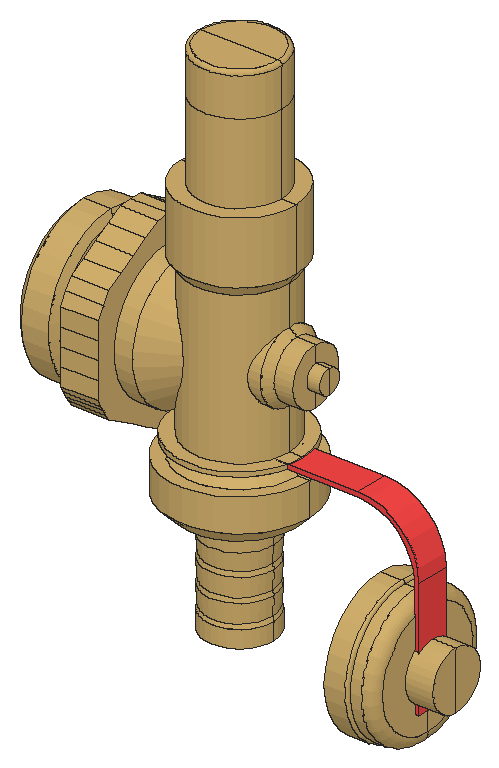
Revit family "_FHF-EA_EM", category Pipe Accessories, Revit 2019
Family settings
  Round Connector Dimension = Use Diameter
  Part Type = Normal
  OmniClass Number = 23.65.55.14.17
  OmniClass Title = Adjusting/Controlling Valves for Liquid Services
  Work Plane-Based = No
  Always vertical = Yes
  Cut with Voids When Loaded = No
  Shared = Yes
Parameters (values of type "FHF-EM_088U0786")
  W = 36 mm
  Valve Body Material = Danfoss Brass
  URL = ""
  Type Comments = ""
  Model Type = "FHF-EM_End section with manual airvent"
  Model = "088U0786"
  Manufacturer = "Danfoss"  # constant formula
  LOD 350 [instance] = not(LOD 200)  # yes
  LOD 200 [instance] = no
  L = 80.487 mm
  IfcExportType = "FHF-EM"
  IfcExportAs = "IfcValveType"  # constant formula
  H2 = 53.8 mm
  H1 = 75.7 mm
  H = H1 + H2  # 129.5 mm
  FHF-EM350 [instance] = if(and([FHF-EM], LOD 350), 1 = 1, 0 = 1)  # yes
  FHF-EM200 [instance] = if(and([FHF-EM], LOD 200), 1 = 1, 0 = 1)  # no
  FHF-EM = yes
  FHF-EA350 [instance] = if(and([FHF-EA], LOD 350), 1 = 1, 0 = 1)  # no
  FHF-EA200 [instance] = if(and([FHF-EA], LOD 200), 1 = 1, 0 = 1)  # no
  FHF-EA = no
  Description = "Accessories for Manifolds"  # constant formula
Types (2, lengths in mm): name | Model Type | Model | IfcExportType | FHF-EM350 | FHF-EM | FHF-EA350 | FHF-EA
  FHF-EM_088U0786 | "FHF-EM_End section with manual airvent" | "088U0786" | "FHF-EM" | yes | yes | no | no
  FHF-EA_088U0785 | "FHF-EA_End section with automatic airvent" | "088U0785" | "FHF-EA" | no | no | yes | yes
Reference planes
  plane 1 "Center (Front/Back)": y = 0
  plane 2: z = 0
  plane 3 "Center (Left/Right)": x = 0
  plane 4: y = -13
  plane 5: y = 13
  plane 6: x = 80.487
  plane 7: z = -53.8
  plane 8: z = 75.7
  plane 9: y = -18
  plane 10: y = 18
Forms (mm)
  Revolve 1, solid, material "Danfoss Brass" <- "Valve Body Material", visible <- "FHF-EA350"
    sketch origin (0, 0, 0) x (1, 0, 0) y (0, 0, 1)
      loop
        line (0, 15.017) -> (0, 0) -> (11.487, 0) -> (11.487, 16.552) -> (10.034, 16.552) -> (7.976, 14.494) -> (7.24, 16.552) -> (1.535, 16.552) -> (0, 15.017)
      axis (0, 0) -> (11.487, 0)
    angle from 0 to 360
  Extrusion 2, solid, material "Danfoss Brass" <- "Valve Body Material", visible <- "FHF-EA350"
    sketch origin (0, 0, 0) x (0, 1, 0) y (0, 0, 1)
      loop
        line (-2.669, 19.821) -> (-5.971, 17.914) -> (-9.25, 16.021) -> (-12.529, 14.128) -> (-15.831, 12.222) -> (-17.321, 10) -> (-18.5, 7.599) -> (-18.5, 3.786) -> (-18.5, 0) -> (-18.5, -3.786) -> (-18.5, -7.599) -> (-17.95, -8.819) -> (-17.321, -10) -> (-16.613, -11.136) -> (-15.831, -12.222) -> (-12.529, -14.129) -> (-9.25, -16.021) -> (-5.971, -17.915) -> (-2.669, -19.821) -> (0, -20) -> (2.669, -19.821) -> (5.971, -17.915) -> (9.25, -16.021) -> (12.529, -14.129) -> (15.831, -12.222) -> (16.613, -11.136) -> (17.321, -10) -> (17.95, -8.819) -> (18.5, -7.599) -> (18.5, -3.786) -> (18.5, 0) -> (18.5, 3.786) -> (18.5, 7.599) -> (17.321, 10) -> (15.831, 12.222) -> (12.529, 14.128) -> (9.25, 16.021) -> (5.971, 17.914) -> (2.669, 19.821) -> (0, 20) -> (-2.669, 19.821)
    from 11.487 to 19.487
  Revolve 3, solid, material "Danfoss Brass" <- "Valve Body Material", visible <- "FHF-EA350"
    sketch origin (0, 0, 0) x (1, 0, 0) y (0, 0, 1)
      loop
        line (34.487, -53.8) -> (34.487, 75.7) -> (20.556, 75.7) -> (19.056, 74.2) -> (19.056, 65.662) -> (15.987, 63.7) -> (15.987, 58.62) -> (16.456, 57.7) -> (17.958, 57.7) -> (19.056, 57.188) -> (19.056, 31.226) -> (22.284, 31.226) -> (22.284, 17.96) -> (23.815, 15.773) -> (23.815, -16.3) -> (20.987, -16.3) -> (20.987, -17.3) -> (23.632, -17.3) -> (23.632, -18.82) -> (22.157, -20.295) -> (19.515, -20.295) -> (19.515, -27.281) -> (22.534, -30.3) -> (26.842, -30.3) -> (27.094, -35.103) -> (27.482, -38.797) -> (27.272, -39.877) -> (27.48, -43.835) -> (27.281, -44.86) -> (27.488, -48.827) -> (27.176, -49.734) -> (27.176, -53.35) -> (28.237, -53.8) -> (34.487, -53.8)
      axis (34.487, -53.8) -> (34.487, 75.7)
    angle from 0 to 360
  Revolve 4, solid, material "Danfoss Brass" <- "Valve Body Material", visible <- "FHF-EA350"
    sketch origin (0, 0, 0) x (1, 0, 0) y (0, 0, 1)
      loop
        line (64.487, -47.3) -> (80.487, -47.3) -> (80.487, -41.136) -> (74.487, -41.136) -> (74.487, -35.323)
        arc (74.487, -35.323) -> (73.748, -33.54) -> (71.965, -32.801) r 2.522
        line (71.965, -32.801) -> (69.494, -32.801)
        arc (69.494, -32.801) -> (69.286, -32.385) -> (68.829, -32.3) r 0.522
        line (68.829, -32.3) -> (64.487, -32.3) -> (64.487, -47.3)
      axis (80.487, -47.3) -> (64.487, -47.3)
    angle from 0 to 360
  Sweep 5, solid, material "Danfoss Plastic Red", visible <- "FHF-EA"
    path origin (0, 0, 0) x (1, 0, 0) y (0, 0, 1)
      loop
        line (45.159, -16.3) -> (62.487, -16.3)
        arc (62.487, -16.3) -> (71.656, -20.098) -> (75.455, -29.268) r 12.968
        line (75.455, -29.268) -> (75.455, -54.268)
    profile origin (53.823, 0, -16.3) x (0, 0, 1) y (0, -1, 0)
      loop
        line (-0.007, 3.534) -> (-1.008, 3.534) -> (-1.008, -3.534) -> (-0.008, -3.534) -> (-0.007, 3.534)
  Revolve 6, solid, material "Danfoss Brass" <- "Valve Body Material", visible <- "FHF-EA350"
    sketch origin (0, 0, 0) x (1, 0, 0) y (0, 0, 1)
      loop
        line (20.056, 69.25) -> (20.056, 75.2) -> (16.149, 75.2) -> (16.149, 73.854) -> (15.326, 73.854) -> (15.326, 75.761) -> (6.174, 75.761) -> (6.174, 69.25) -> (20.056, 69.25)
      axis (20.056, 69.25) -> (6.174, 69.25)
    angle from 0 to 360
  Revolve 7, solid, material "Danfoss Brass" <- "Valve Body Material", visible <- "FHF-EA350"
    sketch origin (0, 0, 0) x (1, 0, 0) y (0, 0, 1)
      loop
        line (53.596, 0) -> (53.596, 2.5) -> (50.687, 2.5) -> (50.687, 6) -> (46.587, 6) -> (45.057, 7.53) -> (33.415, 7.53) -> (23.598, 14.662) -> (19.487, 14.662) -> (19.487, 0) -> (53.596, 0)
      axis (19.487, 0) -> (53.596, 0)
    angle from 0 to 360
  Revolve 8, solid, material "Danfoss Brass" <- "Valve Body Material", visible <- "FHF-EM350"
    sketch origin (0, 0, 0) x (1, 0, 0) y (0, 0, 1)
      loop
        line (0, 15.017) -> (0, 0) -> (11.487, 0) -> (11.487, 16.552) -> (10.034, 16.552) -> (7.976, 14.494) -> (7.24, 16.552) -> (1.535, 16.552) -> (0, 15.017)
      axis (0, 0) -> (11.487, 0)
    angle from 0 to 360
  Extrusion 9, solid, material "Danfoss Brass" <- "Valve Body Material", visible <- "FHF-EM350"
    sketch origin (0, 0, 0) x (0, 1, 0) y (0, 0, 1)
      loop
        line (-2.669, 19.821) -> (-5.971, 17.914) -> (-9.25, 16.021) -> (-12.529, 14.128) -> (-15.831, 12.222) -> (-17.321, 10) -> (-18.5, 7.599) -> (-18.5, 3.786) -> (-18.5, 0) -> (-18.5, -3.786) -> (-18.5, -7.599) -> (-17.95, -8.819) -> (-17.321, -10) -> (-16.613, -11.136) -> (-15.831, -12.222) -> (-12.529, -14.129) -> (-9.25, -16.021) -> (-5.971, -17.915) -> (-2.669, -19.821) -> (0, -20) -> (2.669, -19.821) -> (5.971, -17.915) -> (9.25, -16.021) -> (12.529, -14.129) -> (15.831, -12.222) -> (16.613, -11.136) -> (17.321, -10) -> (17.95, -8.819) -> (18.5, -7.599) -> (18.5, -3.786) -> (18.5, 0) -> (18.5, 3.786) -> (18.5, 7.599) -> (17.321, 10) -> (15.831, 12.222) -> (12.529, 14.128) -> (9.25, 16.021) -> (5.971, 17.914) -> (2.669, 19.821) -> (0, 20) -> (-2.669, 19.821)
    from 11.487 to 19.487
  Revolve 10, solid, material "Danfoss Brass" <- "Valve Body Material", visible <- "FHF-EM350"
    sketch origin (0, 0, 0) x (1, 0, 0) y (0, 0, 1)
      loop
        line (64.487, -47.3) -> (80.487, -47.3) -> (80.487, -41.136) -> (74.487, -41.136) -> (74.487, -35.323)
        arc (74.487, -35.323) -> (73.748, -33.54) -> (71.965, -32.801) r 2.522
        line (71.965, -32.801) -> (69.494, -32.801)
        arc (69.494, -32.801) -> (69.286, -32.385) -> (68.829, -32.3) r 0.522
        line (68.829, -32.3) -> (64.487, -32.3) -> (64.487, -47.3)
      axis (80.487, -47.3) -> (64.487, -47.3)
    angle from 0 to 360
  Revolve 11, solid, material "Danfoss Brass" <- "Valve Body Material", visible <- "FHF-EM350"
    sketch origin (0, 0, 0) x (1, 0, 0) y (0, 0, 1)
      loop
        line (53.596, 0) -> (53.596, 2.5) -> (50.687, 2.5) -> (50.687, 6) -> (46.587, 6) -> (45.057, 7.53) -> (33.415, 7.53) -> (23.598, 14.662) -> (19.487, 14.662) -> (19.487, 0) -> (53.596, 0)
      axis (19.487, 0) -> (53.596, 0)
    angle from 0 to 360
  Revolve 12, solid, material "Danfoss Brass" <- "Valve Body Material", visible <- "FHF-EA200"
    sketch origin (0, 0, 0) x (1, 0, 0) y (0, 0, 1)
      loop
        line (0, 0) -> (34.041, 0)
        arc (34.041, 0) -> (30.207, 11.138) -> (19.487, 16.021) r 14.916
        line (19.487, 16.021) -> (0, 16.021) -> (0, 0)
      axis (0, 0) -> (34.041, 0)
    angle from 0 to 360
  Revolve 13, solid, material "Danfoss Brass" <- "Valve Body Material", visible <- "FHF-EA200"
    sketch origin (0, 0, 0) x (1, 0, 0) y (0, 0, 1)
      loop
        line (34.458, 75.7) -> (18.583, 75.7) -> (18.583, 31.222) -> (22.397, 31.222) -> (22.397, 29.7) -> (22.397, -20.3) -> (19.532, -20.3) -> (19.532, -30.3) -> (26.815, -30.3) -> (26.815, -53.8) -> (34.458, -53.8) -> (34.458, 75.7)
      axis (34.458, -53.8) -> (34.458, 75.7)
    angle from 0 to 360
  Revolve 14, solid, material "Danfoss Brass" <- "Valve Body Material", visible <- "FHF-EA200"
    sketch origin (0, 0, 0) x (1, 0, 0) y (0, 0, 1)
      loop
        line (64.487, -47.3) -> (80.487, -47.3) -> (80.487, -41.045) -> (74.447, -41.045) -> (74.447, -32.3) -> (64.487, -32.3) -> (64.487, -47.3)
      axis (80.487, -47.3) -> (64.487, -47.3)
    angle from 0 to 360
  Revolve 15, solid, material "Danfoss Brass" <- "Valve Body Material", visible <- "FHF-EM350"
    sketch origin (0, 0, 0) x (1, 0, 0) y (0, 0, 1)
      loop
        line (34.487, -53.8) -> (34.487, 57.24) -> (26.313, 57.24)
        arc (26.313, 57.24) -> (25.748, 57.006) -> (25.513, 56.44) r 0.8
        line (25.513, 56.44) -> (25.513, 48.2) -> (25.513, 31.226) -> (22.284, 31.226) -> (22.284, 17.96) -> (23.815, 15.773) -> (23.815, -16.3) -> (20.987, -16.3) -> (20.987, -17.3) -> (23.632, -17.3) -> (23.632, -18.82) -> (22.157, -20.295) -> (19.515, -20.295) -> (19.515, -27.281) -> (22.534, -30.3) -> (26.842, -30.3) -> (27.094, -35.103) -> (27.482, -38.797) -> (27.272, -39.877) -> (27.48, -43.835) -> (27.281, -44.86) -> (27.488, -48.827) -> (27.176, -49.734) -> (27.176, -53.35) -> (28.237, -53.8) -> (34.487, -53.8)
      axis (34.487, -53.8) -> (34.487, 57.24)
    angle from 0 to 360
  Sweep 16, solid, material "Danfoss Plastic Red", visible <- "FHF-EM"
    path origin (0, 0, 0) x (1, 0, 0) y (0, 0, 1)
      loop
        line (45.159, -16.3) -> (62.487, -16.3)
        arc (62.487, -16.3) -> (71.656, -20.098) -> (75.455, -29.268) r 12.968
        line (75.455, -29.268) -> (75.455, -54.268)
    profile origin (53.823, 0, -16.3) x (0, 0, 1) y (0, -1, 0)
      loop
        line (-0.007, 3.534) -> (-1.008, 3.534) -> (-1.008, -3.534) -> (-0.008, -3.534) -> (-0.007, 3.534)
  Revolve 17, solid, material "Danfoss Brass" <- "Valve Body Material", visible <- "FHF-EM200"
    sketch origin (0, 0, 0) x (1, 0, 0) y (0, 0, 1)
      loop
        line (0, 0) -> (34.041, 0)
        arc (34.041, 0) -> (30.207, 11.138) -> (19.487, 16.021) r 14.916
        line (19.487, 16.021) -> (0, 16.021) -> (0, 0)
      axis (0, 0) -> (34.041, 0)
    angle from 0 to 360
  Revolve 18, solid, material "Danfoss Brass" <- "Valve Body Material", visible <- "FHF-EA200"
    sketch origin (0, 0, 0) x (1, 0, 0) y (0, 0, 1)
      loop
        line (34.458, 75.7) -> (18.583, 75.7) -> (18.583, 31.222) -> (22.397, 31.222) -> (22.397, 29.7) -> (22.397, -20.3) -> (19.532, -20.3) -> (19.532, -30.3) -> (26.815, -30.3) -> (26.815, -53.8) -> (34.458, -53.8) -> (34.458, 75.7)
      axis (34.458, -53.8) -> (34.458, 75.7)
    angle from 0 to 360
  Revolve 19, solid, material "Danfoss Brass" <- "Valve Body Material", visible <- "FHF-EM200"
    sketch origin (0, 0, 0) x (1, 0, 0) y (0, 0, 1)
      loop
        line (64.487, -47.3) -> (80.487, -47.3) -> (80.487, -41.045) -> (74.447, -41.045) -> (74.447, -32.3) -> (64.487, -32.3) -> (64.487, -47.3)
      axis (80.487, -47.3) -> (64.487, -47.3)
    angle from 0 to 360
  Revolve 20, solid, material "Danfoss Brass" <- "Valve Body Material", visible <- "FHF-EM200"
    sketch origin (0, 0, 0) x (1, 0, 0) y (0, 0, 1)
      loop
        line (34.458, 57.24) -> (22.397, 57.24) -> (22.397, -20.3) -> (19.532, -20.3) -> (19.532, -30.3) -> (26.815, -30.3) -> (26.815, -53.8) -> (34.458, -53.8) -> (34.458, 57.24)
      axis (34.458, -53.8) -> (34.458, 57.24)
    angle from 0 to 360
Dimensions and locks
  "L": plane 6 to plane 3 "Center (Left/Right)"
  "H1": plane 8 to level
  "H2": level to plane 7
  equal spacing: plane 9, plane 1 "Center (Front/Back)", plane 10
  "W": plane 9 to plane 10
  aligned and locked: level to plane 2
Automatic sketch dimensions
  Revolve 1 sketch curve to level = 0 mm  (x2)
  Revolve 1 sketch curve to plane 3 "Center (Left/Right)" = 0 mm  (x2)
  plane 3 "Center (Left/Right)" to Revolve 1 sketch curve = 7.24 mm
  Revolve 1 sketch curve to Revolve 1 sketch curve = 0.736 mm
  Revolve 1 sketch curve to Revolve 1 sketch curve = 2.794 mm
  Revolve 1 sketch curve to Revolve 1 sketch curve = 1.453 mm
  level to Revolve 1 sketch curve = 14.494 mm
  Revolve 1 sketch curve to Revolve 1 sketch curve = 2.058 mm  (x2)
  plane 3 "Center (Left/Right)" to Revolve 1 sketch curve = 1.535 mm
  Revolve 1 sketch curve to Revolve 1 sketch curve = 0 mm
  Revolve 1 sketch curve to Revolve 1 sketch curve = 1.535 mm
  Extrusion 2 sketch curve to level = 0 mm  (x2)
  Extrusion 2 sketch curve to plane 1 "Center (Front/Back)" = 0 mm  (x2)
  plane 1 "Center (Front/Back)" to Extrusion 2 sketch curve = 2.669 mm  (x2)
  Extrusion 2 sketch curve to Extrusion 2 sketch curve = 3.302 mm  (x2)
  Extrusion 2 sketch curve to plane 4 = 3.75 mm  (x2)
  plane 4 to Extrusion 2 sketch curve = 2.831 mm  (x2)
  Extrusion 2 sketch curve to Extrusion 2 sketch curve = 0.782 mm  (x2)
  Extrusion 2 sketch curve to Extrusion 2 sketch curve = 0.707 mm  (x2)
  Extrusion 2 sketch curve to Extrusion 2 sketch curve = 1.489 mm  (x2)
  Extrusion 2 sketch curve to Extrusion 2 sketch curve = 0.63 mm  (x2)
  plane 4 to Extrusion 2 sketch curve = 5.5 mm
  Extrusion 2 sketch curve to plane 1 "Center (Front/Back)" = 2.669 mm  (x2)
  plane 5 to Extrusion 2 sketch curve = 3.75 mm  (x2)
  Extrusion 2 sketch curve to plane 5 = 2.831 mm  (x2)
  Extrusion 2 sketch curve to plane 5 = 5.5 mm
  Extrusion 2 sketch curve to Extrusion 2 sketch curve = 3.786 mm  (x2)
  Extrusion 2 sketch curve to Extrusion 2 sketch curve = 3.813 mm  (x2)
  Extrusion 2 sketch curve to Extrusion 2 sketch curve = 1.22 mm  (x2)
  Extrusion 2 sketch curve to Extrusion 2 sketch curve = 1.181 mm  (x2)
  Extrusion 2 sketch curve to Extrusion 2 sketch curve = 1.136 mm  (x2)
  Extrusion 2 sketch curve to Extrusion 2 sketch curve = 1.086 mm  (x2)
  Extrusion 2 sketch curve to Extrusion 2 sketch curve = 3.8 mm  (x4)
  Extrusion 2 sketch curve to Extrusion 2 sketch curve = 1.893 mm  (x7)
  Extrusion 2 sketch curve to Extrusion 2 sketch curve = 5.693 mm
  Extrusion 2 sketch curve to Extrusion 2 sketch curve = 1.907 mm  (x3)
  Extrusion 2 sketch curve to Extrusion 2 sketch curve = 0.179 mm  (x2)
  level to Extrusion 2 sketch curve = 3.786 mm  (x2)
  Extrusion 2 sketch curve to Extrusion 2 sketch curve = 3.814 mm  (x2)
  Extrusion 2 sketch curve to Extrusion 2 sketch curve = 2.401 mm  (x2)
  Extrusion 2 sketch curve to Extrusion 2 sketch curve = 2.222 mm  (x2)
  Extrusion 2 sketch curve to Extrusion 2 sketch curve = 0 mm  (x15)
  Extrusion 2 sketch curve to Extrusion 2 sketch curve = 3.279 mm  (x2)
  Extrusion 2 sketch curve to plane 4 = 0.471 mm  (x2)
  plane 5 to Extrusion 2 sketch curve = 0.471 mm  (x2)
  plane 3 "Center (Left/Right)" to Revolve 3 sketch curve = 15.987 mm
  Revolve 3 sketch curve to Revolve 3 sketch curve = 0.47 mm
  Revolve 3 sketch curve to Revolve 3 sketch curve = 1.502 mm
  Revolve 3 sketch curve to Revolve 3 sketch curve = 3.069 mm
  plane 3 "Center (Left/Right)" to Revolve 3 sketch curve = 19.056 mm
  plane 3 "Center (Left/Right)" to Revolve 3 sketch curve = 19.515 mm
  Revolve 3 sketch curve to Revolve 3 sketch curve = 1.472 mm
  Revolve 3 sketch curve to Revolve 3 sketch curve = 3.228 mm
  Revolve 3 sketch curve to Revolve 3 sketch curve = 2.642 mm
  Revolve 3 sketch curve to Revolve 3 sketch curve = 3.019 mm  (x2)
  Revolve 3 sketch curve to Revolve 3 sketch curve = 1.475 mm  (x2)
  Revolve 3 sketch curve to Revolve 3 sketch curve = 1.531 mm
  Revolve 3 sketch curve to Revolve 3 sketch curve = 4.308 mm
  Revolve 3 sketch curve to Revolve 3 sketch curve = 0.252 mm
  Revolve 3 sketch curve to Revolve 3 sketch curve = 0.082 mm
  Revolve 3 sketch curve to Revolve 3 sketch curve = 0.178 mm
  Revolve 3 sketch curve to Revolve 3 sketch curve = 0.105 mm
  Revolve 3 sketch curve to Revolve 3 sketch curve = 0.199 mm
  Revolve 3 sketch curve to Revolve 3 sketch curve = 0.21 mm
  Revolve 3 sketch curve to Revolve 3 sketch curve = 0.313 mm
  Revolve 3 sketch curve to Revolve 3 sketch curve = 1.061 mm
  Revolve 3 sketch curve to Revolve 3 sketch curve = 3.958 mm
  Revolve 3 sketch curve to Revolve 3 sketch curve = 1.08 mm
  Revolve 3 sketch curve to Revolve 3 sketch curve = 3.695 mm
  Revolve 3 sketch curve to Revolve 3 sketch curve = 4.803 mm
  Revolve 3 sketch curve to Revolve 3 sketch curve = 1.52 mm
  Revolve 3 sketch curve to Revolve 3 sketch curve = 1 mm
  level to Revolve 3 sketch curve = 15.773 mm
  Revolve 3 sketch curve to Revolve 3 sketch curve = 17.012 mm
  Revolve 3 sketch curve to Revolve 3 sketch curve = 0.512 mm
  Revolve 3 sketch curve to Revolve 3 sketch curve = 0.919 mm
  Revolve 3 sketch curve to Revolve 3 sketch curve = 5.08 mm
  Revolve 3 sketch curve to Revolve 3 sketch curve = 1.962 mm
  Revolve 3 sketch curve to Revolve 3 sketch curve = 6.25 mm
  Revolve 3 sketch curve to Revolve 3 sketch curve = 0 mm  (x2)
  Revolve 3 sketch curve to Revolve 3 sketch curve = 0.007 mm
  plane 6 to Revolve 4 sketch curve = 0 mm  (x2)
  Revolve 4 sketch curve to plane 6 = 6 mm
  Revolve 4 sketch curve to Revolve 4 sketch curve = 2.522 mm
  Revolve 4 sketch curve to Revolve 4 sketch curve = 2.471 mm
  Revolve 4 sketch curve to Revolve 4 sketch curve = 0.522 mm
  Revolve 4 sketch curve to Revolve 4 sketch curve = 0.143 mm
  Revolve 4 sketch curve to Revolve 4 sketch curve = 6.164 mm
  Revolve 4 sketch curve to Revolve 4 sketch curve = 5.813 mm
  Revolve 4 sketch curve to Revolve 4 sketch curve = 0.001 mm
  Revolve 4 sketch curve to Revolve 4 sketch curve = 10 mm
  Revolve 4 sketch curve to Revolve 4 sketch curve = 0 mm  (x2)
  Sweep 5 sketch curve to plane 6 = 18 mm
  Sweep 5 sketch curve to Sweep 5 sketch curve = 12.968 mm
  Sweep 5 sketch curve to Sweep 5 sketch curve = 17.328 mm
  profile plane to Sweep 5 sketch curve = 1.008 mm
  profile plane to Sweep 5 sketch curve = 0.008 mm
  Sweep 5 sketch curve to Sweep 5 sketch curve = 1.001 mm
  Sweep 5 sketch curve to plane 1 "Center (Front/Back)" = 3.534 mm
  plane 1 "Center (Front/Back)" to Sweep 5 sketch curve = 3.534 mm
  Sweep 5 sketch curve to Sweep 5 sketch curve = 1 mm
  plane 3 "Center (Left/Right)" to Revolve 6 sketch curve = 6.174 mm
  Revolve 6 sketch curve to Revolve 6 sketch curve = 9.151 mm
  Revolve 6 sketch curve to Revolve 6 sketch curve = 0.823 mm
  Revolve 6 sketch curve to Revolve 6 sketch curve = 0 mm  (x2)
  Revolve 6 sketch curve to Revolve 6 sketch curve = 3.908 mm
  Revolve 6 sketch curve to Revolve 6 sketch curve = 0.141 mm
  Revolve 7 sketch curve to level = 0 mm  (x2)
  plane 3 "Center (Left/Right)" to Revolve 7 sketch curve = 19.487 mm
  Revolve 7 sketch curve to Revolve 7 sketch curve = 4.111 mm
  Revolve 7 sketch curve to Revolve 7 sketch curve = 9.817 mm
  Revolve 7 sketch curve to Revolve 7 sketch curve = 11.642 mm
  Revolve 7 sketch curve to Revolve 7 sketch curve = 1.53 mm
  Revolve 7 sketch curve to Revolve 7 sketch curve = 4.1 mm
  Revolve 7 sketch curve to Revolve 7 sketch curve = 2.909 mm
  level to Revolve 7 sketch curve = 2.5 mm
  Revolve 7 sketch curve to Revolve 7 sketch curve = 3.5 mm
  level to Revolve 7 sketch curve = 7.53 mm
  Revolve 7 sketch curve to Revolve 7 sketch curve = 7.132 mm
  Revolve 7 sketch curve to Revolve 7 sketch curve = 0 mm  (x2)
  Revolve 8 sketch curve to level = 0 mm  (x2)
  Revolve 8 sketch curve to plane 3 "Center (Left/Right)" = 0 mm  (x2)
  plane 3 "Center (Left/Right)" to Revolve 8 sketch curve = 1.535 mm
  Revolve 8 sketch curve to Revolve 8 sketch curve = 5.705 mm
  Revolve 8 sketch curve to Revolve 8 sketch curve = 0.736 mm
  Revolve 8 sketch curve to Revolve 8 sketch curve = 2.794 mm
  Revolve 8 sketch curve to Revolve 8 sketch curve = 1.453 mm
  level to Revolve 8 sketch curve = 14.494 mm
  Revolve 8 sketch curve to Revolve 8 sketch curve = 0.523 mm
  Revolve 8 sketch curve to Revolve 8 sketch curve = 2.058 mm  (x2)
  Revolve 8 sketch curve to Revolve 8 sketch curve = 0 mm
  Extrusion 9 sketch curve to level = 0 mm  (x2)
  Extrusion 9 sketch curve to plane 1 "Center (Front/Back)" = 0 mm  (x2)
  plane 1 "Center (Front/Back)" to Extrusion 9 sketch curve = 2.669 mm  (x2)
  Extrusion 9 sketch curve to Extrusion 9 sketch curve = 3.302 mm  (x2)
  Extrusion 9 sketch curve to plane 4 = 3.75 mm  (x2)
  plane 4 to Extrusion 9 sketch curve = 2.831 mm  (x2)
  Extrusion 9 sketch curve to Extrusion 9 sketch curve = 0.782 mm  (x2)
  Extrusion 9 sketch curve to Extrusion 9 sketch curve = 0.707 mm  (x2)
  Extrusion 9 sketch curve to Extrusion 9 sketch curve = 1.489 mm  (x2)
  Extrusion 9 sketch curve to Extrusion 9 sketch curve = 0.63 mm  (x2)
  plane 4 to Extrusion 9 sketch curve = 5.5 mm
  Extrusion 9 sketch curve to plane 1 "Center (Front/Back)" = 2.669 mm  (x2)
  plane 5 to Extrusion 9 sketch curve = 3.75 mm  (x2)
  Extrusion 9 sketch curve to plane 5 = 2.831 mm  (x2)
  Extrusion 9 sketch curve to plane 5 = 5.5 mm
  Extrusion 9 sketch curve to Extrusion 9 sketch curve = 3.786 mm  (x2)
  Extrusion 9 sketch curve to Extrusion 9 sketch curve = 3.813 mm  (x2)
  Extrusion 9 sketch curve to Extrusion 9 sketch curve = 1.22 mm  (x2)
  Extrusion 9 sketch curve to Extrusion 9 sketch curve = 1.181 mm  (x2)
  Extrusion 9 sketch curve to Extrusion 9 sketch curve = 1.136 mm  (x2)
  Extrusion 9 sketch curve to Extrusion 9 sketch curve = 1.086 mm  (x2)
  Extrusion 9 sketch curve to Extrusion 9 sketch curve = 3.8 mm  (x4)
  Extrusion 9 sketch curve to Extrusion 9 sketch curve = 1.893 mm  (x7)
  Extrusion 9 sketch curve to Extrusion 9 sketch curve = 5.693 mm
  Extrusion 9 sketch curve to Extrusion 9 sketch curve = 1.907 mm  (x3)
  Extrusion 9 sketch curve to Extrusion 9 sketch curve = 0.179 mm  (x2)
  level to Extrusion 9 sketch curve = 3.786 mm  (x2)
  Extrusion 9 sketch curve to Extrusion 9 sketch curve = 3.814 mm  (x2)
  Extrusion 9 sketch curve to Extrusion 9 sketch curve = 2.401 mm  (x2)
  Extrusion 9 sketch curve to Extrusion 9 sketch curve = 2.222 mm  (x2)
  Extrusion 9 sketch curve to Extrusion 9 sketch curve = 0 mm  (x15)
  Extrusion 9 sketch curve to Extrusion 9 sketch curve = 3.279 mm  (x2)
  Extrusion 9 sketch curve to plane 4 = 0.471 mm  (x2)
  plane 5 to Extrusion 9 sketch curve = 0.471 mm  (x2)
  plane 6 to Revolve 10 sketch curve = 0 mm  (x2)
  Revolve 10 sketch curve to plane 6 = 6 mm
  Revolve 10 sketch curve to Revolve 10 sketch curve = 2.522 mm
  Revolve 10 sketch curve to Revolve 10 sketch curve = 2.471 mm
  Revolve 10 sketch curve to Revolve 10 sketch curve = 0.522 mm
  Revolve 10 sketch curve to Revolve 10 sketch curve = 0.143 mm
  Revolve 10 sketch curve to Revolve 10 sketch curve = 10 mm
  Revolve 10 sketch curve to Revolve 10 sketch curve = 6.164 mm
  Revolve 10 sketch curve to Revolve 10 sketch curve = 5.813 mm
  Revolve 10 sketch curve to Revolve 10 sketch curve = 0.001 mm
  Revolve 10 sketch curve to Revolve 10 sketch curve = 0 mm  (x2)
  Revolve 11 sketch curve to level = 0 mm  (x2)
  plane 3 "Center (Left/Right)" to Revolve 11 sketch curve = 19.487 mm
  Revolve 11 sketch curve to Revolve 11 sketch curve = 4.111 mm
  Revolve 11 sketch curve to Revolve 11 sketch curve = 9.817 mm
  Revolve 11 sketch curve to Revolve 11 sketch curve = 11.642 mm
  Revolve 11 sketch curve to Revolve 11 sketch curve = 1.53 mm
  Revolve 11 sketch curve to Revolve 11 sketch curve = 4.1 mm
  Revolve 11 sketch curve to Revolve 11 sketch curve = 2.909 mm
  level to Revolve 11 sketch curve = 2.5 mm
  Revolve 11 sketch curve to Revolve 11 sketch curve = 3.5 mm
  level to Revolve 11 sketch curve = 7.53 mm
  Revolve 11 sketch curve to Revolve 11 sketch curve = 7.132 mm
  Revolve 11 sketch curve to Revolve 11 sketch curve = 0 mm  (x2)
  Revolve 12 sketch curve to level = 0 mm  (x2)
  Revolve 12 sketch curve to plane 3 "Center (Left/Right)" = 0 mm  (x2)
  level to Revolve 12 sketch curve = 1.109 mm
  plane 3 "Center (Left/Right)" to Revolve 12 sketch curve = 19.166 mm
  Revolve 12 sketch curve to Revolve 12 sketch curve = 0.32 mm
  Revolve 12 sketch curve to Revolve 12 sketch curve = 14.874 mm
  Revolve 12 sketch curve to Revolve 12 sketch curve = 0 mm
  plane 3 "Center (Left/Right)" to Revolve 13 sketch curve = 18.583 mm
  plane 3 "Center (Left/Right)" to Revolve 13 sketch curve = 19.532 mm
  Revolve 13 sketch curve to Revolve 13 sketch curve = 3.814 mm
  Revolve 13 sketch curve to Revolve 13 sketch curve = 7.283 mm
  Revolve 13 sketch curve to Revolve 13 sketch curve = 7.643 mm
  Revolve 13 sketch curve to Revolve 13 sketch curve = 10 mm
  level to Revolve 13 sketch curve = 29.7 mm
  Revolve 13 sketch curve to Revolve 13 sketch curve = 1.522 mm
  Revolve 13 sketch curve to Revolve 13 sketch curve = 0 mm  (x3)
  plane 6 to Revolve 14 sketch curve = 0 mm  (x2)
  Revolve 14 sketch curve to plane 6 = 6.04 mm
  Revolve 14 sketch curve to Revolve 14 sketch curve = 9.96 mm
  Revolve 14 sketch curve to Revolve 14 sketch curve = 8.745 mm
  Revolve 14 sketch curve to Revolve 14 sketch curve = 0 mm  (x2)
  Sweep 16 sketch curve to plane 6 = 18 mm
  Sweep 16 sketch curve to plane 6 = 5.032 mm
  Sweep 16 sketch curve to Sweep 16 sketch curve = 17.328 mm
  profile plane to Sweep 16 sketch curve = 1.008 mm  (x2)
  profile plane to Sweep 16 sketch curve = 0.008 mm
  profile plane to Sweep 16 sketch curve = 0.007 mm
  Sweep 16 sketch curve to plane 1 "Center (Front/Back)" = 3.534 mm
  plane 1 "Center (Front/Back)" to Sweep 16 sketch curve = 3.534 mm
  Revolve 17 sketch curve to level = 0 mm  (x2)
  Revolve 17 sketch curve to plane 3 "Center (Left/Right)" = 0 mm  (x2)
  level to Revolve 17 sketch curve = 1.109 mm
  plane 3 "Center (Left/Right)" to Revolve 17 sketch curve = 19.166 mm
  Revolve 17 sketch curve to Revolve 17 sketch curve = 0.32 mm
  Revolve 17 sketch curve to Revolve 17 sketch curve = 14.874 mm
  Revolve 17 sketch curve to Revolve 17 sketch curve = 0 mm
  plane 3 "Center (Left/Right)" to Revolve 18 sketch curve = 18.583 mm
  plane 3 "Center (Left/Right)" to Revolve 18 sketch curve = 19.532 mm
  Revolve 18 sketch curve to Revolve 18 sketch curve = 3.814 mm
  Revolve 18 sketch curve to Revolve 18 sketch curve = 7.283 mm
  Revolve 18 sketch curve to Revolve 18 sketch curve = 7.643 mm
  Revolve 18 sketch curve to Revolve 18 sketch curve = 10 mm
  level to Revolve 18 sketch curve = 29.7 mm
  Revolve 18 sketch curve to Revolve 18 sketch curve = 1.522 mm
  Revolve 18 sketch curve to Revolve 18 sketch curve = 0 mm  (x3)
  plane 6 to Revolve 19 sketch curve = 0 mm  (x2)
  Revolve 19 sketch curve to plane 6 = 6.04 mm
  Revolve 19 sketch curve to Revolve 19 sketch curve = 9.96 mm
  Revolve 19 sketch curve to Revolve 19 sketch curve = 6.255 mm
  Revolve 19 sketch curve to Revolve 19 sketch curve = 8.745 mm
  Revolve 19 sketch curve to Revolve 19 sketch curve = 0 mm  (x2)
  plane 3 "Center (Left/Right)" to Revolve 20 sketch curve = 19.532 mm
  Revolve 20 sketch curve to Revolve 20 sketch curve = 2.865 mm
  Revolve 20 sketch curve to Revolve 20 sketch curve = 7.283 mm
  Revolve 20 sketch curve to Revolve 20 sketch curve = 7.643 mm
  Revolve 20 sketch curve to Revolve 20 sketch curve = 10 mm
  Revolve 20 sketch curve to Revolve 20 sketch curve = 0 mm  (x3)
  Revolve 3 sketch curve to Revolve 3 sketch curve = 1.5 mm  (x2)
  level to Revolve 6 sketch curve = 69.25 mm
  Revolve 6 sketch curve to Revolve 6 sketch curve = 4.604 mm
  Revolve 6 sketch curve to Revolve 6 sketch curve = 1.346 mm
  Revolve 6 sketch curve to Revolve 6 sketch curve = 0.561 mm
  Revolve 13 sketch curve to Revolve 13 sketch curve = 44.478 mm
  Revolve 18 sketch curve to Revolve 18 sketch curve = 44.478 mm
  level to Revolve 20 sketch curve = 57.24 mm
  Revolve 3 sketch curve to level = 16.3 mm
  Revolve 3 sketch curve to Revolve 3 sketch curve = 1.025 mm
  Revolve 3 sketch curve to Revolve 3 sketch curve = 3.967 mm
  Revolve 3 sketch curve to Revolve 3 sketch curve = 0.908 mm
  Revolve 3 sketch curve to Revolve 3 sketch curve = 3.615 mm
  Revolve 3 sketch curve to Revolve 3 sketch curve = 0.45 mm
  Revolve 4 sketch curve to level = 47.3 mm
  Sweep 5 sketch curve to level = 29.268 mm
  Sweep 5 sketch curve to Sweep 5 sketch curve = 25 mm
  Revolve 10 sketch curve to level = 47.3 mm
  Revolve 13 sketch curve to level = 20.3 mm
  Revolve 13 sketch curve to Revolve 13 sketch curve = 23.5 mm
  Revolve 14 sketch curve to level = 47.3 mm
  Revolve 14 sketch curve to Revolve 14 sketch curve = 6.255 mm
  Sweep 16 sketch curve to level = 29.268 mm
  Sweep 16 sketch curve to Sweep 16 sketch curve = 25 mm
  Revolve 18 sketch curve to level = 20.3 mm
  Revolve 18 sketch curve to Revolve 18 sketch curve = 23.5 mm
  Revolve 19 sketch curve to level = 47.3 mm
  Revolve 20 sketch curve to level = 20.3 mm
  Revolve 20 sketch curve to Revolve 20 sketch curve = 23.5 mm
  Revolve 3 sketch curve to plane 8 = 0 mm
  Revolve 3 sketch curve to Revolve 3 sketch curve = 2.187 mm
  Revolve 3 sketch curve to Revolve 3 sketch curve = 13.266 mm
  Revolve 3 sketch curve to plane 7 = 0 mm
  Revolve 15 sketch curve to plane 7 = 0 mm  (x2)
  plane 3 "Center (Left/Right)" to Revolve 15 sketch curve = 19.515 mm
  Revolve 15 sketch curve to Revolve 15 sketch curve = 1.472 mm
  plane 3 "Center (Left/Right)" to Revolve 15 sketch curve = 22.284 mm
  Revolve 15 sketch curve to Revolve 15 sketch curve = 2.642 mm
  Revolve 15 sketch curve to Revolve 15 sketch curve = 3.019 mm  (x2)
  Revolve 15 sketch curve to Revolve 15 sketch curve = 2.645 mm
  Revolve 15 sketch curve to Revolve 15 sketch curve = 1.531 mm
  Revolve 15 sketch curve to Revolve 15 sketch curve = 3.229 mm
  Revolve 15 sketch curve to Revolve 15 sketch curve = 0.8 mm
  Revolve 15 sketch curve to Revolve 15 sketch curve = 4.308 mm
  Revolve 15 sketch curve to Revolve 15 sketch curve = 0.252 mm
  plane 7 to Revolve 15 sketch curve = 0.45 mm
  Revolve 15 sketch curve to Revolve 15 sketch curve = 0.082 mm
  Revolve 15 sketch curve to Revolve 15 sketch curve = 0.178 mm
  plane 7 to Revolve 15 sketch curve = 8.94 mm
  Revolve 15 sketch curve to Revolve 15 sketch curve = 0.105 mm
  plane 7 to Revolve 15 sketch curve = 9.965 mm
  Revolve 15 sketch curve to Revolve 15 sketch curve = 0.199 mm
  Revolve 15 sketch curve to Revolve 15 sketch curve = 0.21 mm
  plane 7 to Revolve 15 sketch curve = 4.973 mm
  Revolve 15 sketch curve to Revolve 15 sketch curve = 0.313 mm
  Revolve 15 sketch curve to Revolve 15 sketch curve = 1.061 mm
  Revolve 15 sketch curve to Revolve 15 sketch curve = 6.25 mm
  Revolve 15 sketch curve to Revolve 15 sketch curve = 0.908 mm
  Revolve 15 sketch curve to Revolve 15 sketch curve = 3.958 mm
  Revolve 15 sketch curve to Revolve 15 sketch curve = 1.08 mm
  Revolve 15 sketch curve to Revolve 15 sketch curve = 3.695 mm
  Revolve 15 sketch curve to Revolve 15 sketch curve = 4.803 mm
  Revolve 15 sketch curve to Revolve 15 sketch curve = 1.475 mm
  Revolve 15 sketch curve to Revolve 15 sketch curve = 1.52 mm
  Revolve 15 sketch curve to Revolve 15 sketch curve = 1 mm
  level to Revolve 15 sketch curve = 15.773 mm
  Revolve 15 sketch curve to plane 8 = 19.26 mm
  Revolve 15 sketch curve to Revolve 15 sketch curve = 0 mm  (x2)
  Revolve 15 sketch curve to Revolve 15 sketch curve = 8.24 mm
  Revolve 15 sketch curve to Revolve 15 sketch curve = 2.187 mm
  Revolve 15 sketch curve to Revolve 15 sketch curve = 13.266 mm
  Revolve 15 sketch curve to Revolve 15 sketch curve = 6.986 mm
